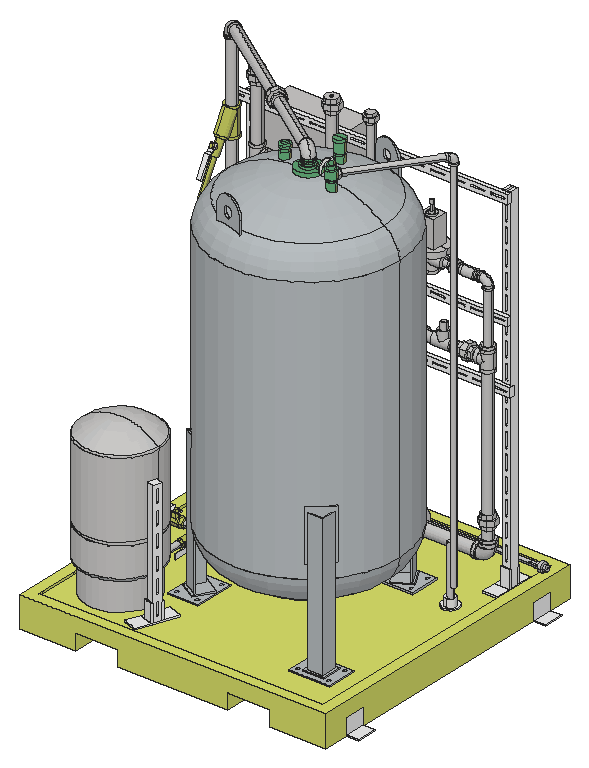
Revit family "Water_Heater-Haws_Corporation-Enclosed_Emergency_Environments_8780", category Plumbing Fixtures, Revit 2018 (continued)
Forms (mm)
  Revolve 133, solid, material "Metal - Haws Corporation - Galvanized Steel" <- "Tubing"
    sketch origin (394.763, 393.993, 200.577) x (0, 1, 0) y (-1, 0, 0)
      loop
        line (7.147, 443.811) -> (1.735, 443.811) -> (1.735, 631.126) -> (9.199, 631.126) -> (9.199, 642.566) -> (6.859, 642.566) -> (6.859, 718.756) -> (9.199, 718.756) -> (9.199, 730.196) -> (1.735, 730.196) -> (1.735, 774.646) -> (14.223, 774.646) -> (14.223, 800.046) -> (-3.501, 800.046) -> (-3.501, 802.576) -> (9.199, 802.576) -> (9.199, 814.016) -> (6.859, 814.016) -> (6.859, 890.206) -> (9.199, 890.206) -> (9.199, 901.646) -> (1.735, 901.646) -> (1.735, 946.096) -> (7.024, 946.096)
        arc (7.024, 946.096) -> (7.922, 946.468) -> (8.294, 947.366) r 1.27
        line (8.294, 947.366) -> (8.294, 954.44)
        arc (8.294, 954.44) -> (8.054, 955.2) -> (7.421, 955.685) r 1.325
        line (7.421, 955.685) -> (-22.433, 955.685) -> (-22.433, 434.244) -> (7.376, 434.244)
        arc (7.376, 434.244) -> (8.136, 434.659) -> (8.412, 435.479) r 1.187
      axis (-22.433, 955.685) -> (-22.433, 434.244)
    angle from 0 to 360
  Revolve 134, solid, material "Metal - Haws Corporation - Galvanized Steel" <- "Tubing"
    sketch origin (-247.803, -4572, 200.571) x (0, -1, 0) y (1, 0, 0)
      loop
        line (-4460.955, -450.755) -> (-4443.269, -450.755) -> (-4443.269, -443.156) -> (-4383.799, -443.156) -> (-4383.799, -425.693) -> (-4602.223, -425.693) -> (-4602.223, -439.11) -> (-4478.398, -439.11) -> (-4478.398, -443.156) -> (-4460.955, -443.156) -> (-4460.955, -450.755)
      loop
        line (-4678.423, -425.693) -> (-4748.471, -425.693) -> (-4748.471, -440.772) -> (-4742.974, -446.268) -> (-4719.627, -446.268) -> (-4719.627, -447.452) -> (-4711.245, -447.452) -> (-4711.245, -444.286) -> (-4706.998, -444.286) -> (-4706.998, -446.371) -> (-4700.648, -446.371) -> (-4700.648, -439.192) -> (-4678.423, -439.192) -> (-4678.423, -425.693)
      axis (-4748.471, -425.693) -> (-4383.799, -425.693)
    angle from 0 to 360
  Revolve 135, solid, material "Metal - Haws Corporation - Galvanized Steel" <- "Tubing"
    sketch origin (-247.803, -4572, 200.571) x (0, -1, 0) y (1, 0, 0)
      loop
        line (-4732.151, -464.047) -> (-4725.215, -464.047) -> (-4725.215, -455.665) -> (-4728.187, -455.665) -> (-4728.187, -395.721) -> (-4725.215, -395.721) -> (-4725.215, -387.339) -> (-4732.151, -387.339) -> (-4732.151, -77.459) -> (-4726.422, -77.459) -> (-4726.422, -71.109) -> (-4748.837, -71.109) -> (-4748.837, -508.497) -> (-4732.151, -508.497) -> (-4732.151, -464.047)
      axis (-4748.837, -508.497) -> (-4748.837, -71.109)
    angle from 0 to 360
  Revolve 136, solid, material "Metal - Haws Corporation - Galvanized Steel" <- "Tubing"
    sketch origin (-247.803, -4572, 200.571) x (0, -1, 0) y (1, 0, 0)
      loop
        line (-4894.025, -60.568) -> (-4890.222, -60.568) -> (-4890.222, -65.961) -> (-4880.666, -65.961) -> (-4880.666, -54.736) -> (-4847.269, -54.736) -> (-4847.269, -39.698) -> (-4847.269, -38.1) -> (-4943.881, -38.1) -> (-4943.881, -57.603) -> (-4935.718, -67.332) -> (-4905.497, -67.332) -> (-4905.497, -69.85) -> (-4894.025, -69.85) -> (-4894.025, -60.568)
      loop
        line (-4800.431, -54.736) -> (-4786.937, -54.736) -> (-4786.937, -60.568) -> (-4781.913, -60.568) -> (-4781.913, -38.1) -> (-4800.431, -38.1) -> (-4800.431, -54.736)
      axis (-4781.913, -38.1) -> (-4943.881, -38.1)
    angle from 0 to 360
  Extrusion 137, solid, material "Metal - Haws Corporation - High Polished Stainless Steel" <- "Socket"
    sketch origin (-0.272, 303.447, 201.029) x (0.181964, 0, 0.983305) y (-0.983305, 0, 0.181964)
      loop
        line (9.448, 40.793) -> (-22.32, 35.382) -> (-40.957, 9.094) -> (-35.546, -22.674) -> (-9.258, -41.311) -> (22.51, -35.9) -> (41.147, -9.612) -> (35.736, 22.156) -> (9.448, 40.793)
    from 22.016 to 47.924
  Extrusion 138, solid, material "Metal - Haws Corporation - High Polished Stainless Steel" <- "Socket"
    sketch origin (-0.272, 277.537, 201.029) x (0.181964, 0, 0.983305) y (-0.983305, 0, 0.181964)
      loop
        line (-16.73, 26.667) -> (-30.841, 6.883) -> (-26.831, -17.084) -> (-7.047, -31.195) -> (16.92, -27.185) -> (31.031, -7.401) -> (27.021, 16.566) -> (7.237, 30.677) -> (-16.73, 26.667)
    from 22.014 to 44.118
  Extrusion 139, solid, material "Metal - Haws Corporation - High Polished Stainless Steel" <- "Socket"
    sketch origin (-0.272, 325.549, 201.029) x (0.181964, 0, 0.983305) y (-0.983305, 0, 0.181964)
      loop
        line (-16.73, 26.667) -> (-30.841, 6.883) -> (-26.831, -17.084) -> (-7.047, -31.195) -> (16.92, -27.185) -> (31.031, -7.401) -> (27.021, 16.566) -> (7.237, 30.677) -> (-16.73, 26.667)
    from 22.014 to 44.118
  Sweep 140, solid, material "Metal - Haws Corporation - Galvanized Steel" <- "Tubing"
    path origin (-319.765, 590.067, -125.18) x (-1, 0, 0) y (0, 0, -1)
      loop
        line (-746.86, -1618.992) -> (-746.86, -1623.829)
        arc (-746.86, -1623.829) -> (-738.605, -1643.758) -> (-718.677, -1652.012) r 28.183
        line (-718.677, -1652.012) -> (-707.239, -1652.012)
    profile origin (427.095, 590.067, 1496.231) x (-1, 0, 0) y (0, -1, 0)
      loop
        circle (0.251, 0) r 19.05
  Sweep 141, solid, material "Metal - Haws Corporation - Galvanized Steel" <- "Tubing"
    path origin (588.098, 590.067, 3178.844) x (1, 0, 0) y (0, 0, 1)
      loop
        line (-746.86, -1618.992) -> (-746.86, -1623.829)
        arc (-746.86, -1623.829) -> (-738.605, -1643.758) -> (-718.677, -1652.012) r 28.183
        line (-718.677, -1652.012) -> (-713.589, -1652.012)
    profile origin (-158.762, 590.067, 1557.433) x (0, -1, 0) y (1, 0, 0)
      loop
        circle (0, 0.251) r 19.05
  Sweep 142, solid, material "Metal - Haws Corporation - Galvanized Steel" <- "Tubing"
    path origin (398.005, 590.067, 2823.59) x (1, 0, 0) y (0, 0, 1)
      loop
        line (-713.589, -1652.012) -> (-719.471, -1652.012)
        arc (-719.471, -1652.012) -> (-741.921, -1642.713) -> (-751.221, -1620.262) r 31.75
        line (-751.221, -1620.262) -> (-751.221, -1609.625)
    profile origin (-318.525, 590.067, 1171.578) x (0, 0, -1) y (0, -1, 0)
      loop
        circle (0.251, 0) r 28.836
  Sweep 143, solid, material "Metal - Haws Corporation - Galvanized Steel" <- "Tubing"
    path origin (-863.43, 590.067, 1041.641) x (0, 0, 1) y (-1, 0, 0)
      loop
        line (-699.669, -1289.221) -> (-702.148, -1289.221)
        arc (-702.148, -1289.221) -> (-729.089, -1278.061) -> (-740.248, -1251.121) r 38.1
        line (-740.248, -1251.121) -> (-740.248, -1241.922)
    profile origin (425.79, 590.067, 340.733) x (0, -1, 0) y (1, 0, 0)
      loop
        circle (0, 0.251) r 33.666
  Sweep 144, solid, material "Metal - Haws Corporation - Galvanized Steel" <- "Tubing"
    path origin (657.259, 786.742, 1835.406) x (1, 0, 0) y (0, 0, 1)
      loop
        line (-729.792, -1618.992) -> (-729.792, -1621.152)
        arc (-729.792, -1621.152) -> (-723.848, -1635.501) -> (-709.499, -1641.445) r 20.293
        line (-709.499, -1641.445) -> (-707.239, -1641.445)
    profile origin (-72.532, 786.742, 215.335) x (0, -1, 0) y (1, 0, 0)
      loop
        circle (0, 0.251) r 12.7
  Sweep 145, solid, material "Metal - Haws Corporation - Galvanized Steel" <- "Tubing"
    path origin (-72.532, -855.247, 797.042) x (0, 0, -1) y (0, -1, 0)
      loop
        line (-729.792, -1618.992) -> (-729.792, -1621.152)
        arc (-729.792, -1621.152) -> (-723.848, -1635.501) -> (-709.499, -1641.445) r 20.293
        line (-709.499, -1641.445) -> (-707.239, -1641.445)
    profile origin (-72.532, 764.825, 1526.834) x (0, 0, -1) y (-1, 0, 0)
      loop
        circle (0.251, 0) r 12.7
  Sweep 146, solid, material "Metal - Haws Corporation - Galvanized Steel" <- "Tubing"
    path origin (-778.841, 590.067, -839.482) x (-1, 0, 0) y (0, 0, -1)
      loop
        line (-751.221, -1609.625) -> (-751.221, -1617.674)
        arc (-751.221, -1617.674) -> (-741.921, -1640.125) -> (-719.471, -1649.424) r 31.75
        line (-719.471, -1649.424) -> (-708.808, -1649.424)
    profile origin (-27.621, 590.067, 774.168) x (-1, 0, 0) y (0, -1, 0)
      loop
        circle (0.251, 0) r 28.836
  Sweep 147, solid, material "Metal - Haws Corporation - Galvanized Steel" <- "Tubing"
    path origin (0.155, -0.107, 2039.033) x (0.822588, -0.568638, 0) y (0, 0, 1)
      loop
        line (-41.27, 178.948) -> (-34.92, 178.948)
        arc (-34.92, 178.948) -> (-10.678, 168.907) -> (-0.637, 144.665) r 34.283
        line (-0.637, 144.665) -> (-0.637, 138.315)
    profile origin (-28.569, 19.749, 2217.981) x (0, 0, 1) y (-0.568638, -0.822588, 0)
      loop
        circle (0, -1.119) r 28.076
  Sweep 148, solid, material "Metal - Haws Corporation - Galvanized Steel" <- "Tubing"
    path origin (-855.179, 589.807, 2039.033) x (-0.822588, 0.568638, 0) y (0, 0, -1)
      loop
        line (-41.27, -178.948) -> (-34.92, -178.948)
        arc (-34.92, -178.948) -> (-10.678, -168.907) -> (-0.637, -144.665) r 34.283
        line (-0.637, -144.665) -> (-0.637, -138.315)
    profile origin (-826.455, 569.95, 2217.981) x (0, 0, -1) y (-0.568638, -0.822588, 0)
      loop
        circle (0, -1.119) r 28.076
  Extrusion 149, solid, material "Metal - Haws Corporation - Galvanized Steel" <- "Tubing"
    sketch origin (-72.532, 757.709, 2032) x (0, -1, 0) y (0, 0, 1)
      loop
        circle (-29.127, -1835.15) r 3.721
    from -637.743 to -546.859
  Extrusion 150, solid, material "Metal - Haws Corporation - High Polished Stainless Steel" <- "Socket"
    sketch origin (-247.803, -4572, 200.571) x (0, -1, 0) y (-1, 0, 0)
      loop
        circle (-5162.067, 476.036) r 6.35
      loop
        circle (-5162.067, 107.736) r 6.35
    from -1850.346 to -1872.45
  Sweep 151, solid, material "Metal - Haws Corporation - Galvanized Steel" <- "Tubing"
    path origin (-808.106, 708.113, 1927.861) x (0, 0, -1) y (-0.9913, -0.131622, 0)
      loop
        line (554.063, -344.488) -> (903.313, -344.488)
        arc (903.313, -344.488) -> (916.783, -350.067) -> (922.363, -363.538) r 19.05
        line (922.363, -363.538) -> (922.363, -534.988)
        arc (922.363, -534.988) -> (916.783, -548.458) -> (903.313, -554.038) r 19.05
        line (903.313, -554.038) -> (857.245, -554.038)
    profile origin (-466.615, 753.455, 1199.173) x (-0.131622, 0.9913, 0) y (-0.9913, -0.131622, 0)
      loop
        circle (0, 0) r 15.03
  Sweep 152, solid, material "Metal - Haws Corporation - Galvanized Steel" <- "Tubing"
    path origin (149.602, -36.397, 2032) x (-0.573576, -0.819152, 0) y (0, 0, 1)
      loop
        line (-464.98, 145.464) -> (-474.169, 145.464)
        arc (-474.169, 145.464) -> (-487.639, 139.884) -> (-493.219, 126.414) r 19.05
        line (-493.219, 126.414) -> (-493.219, 117.33)
    profile origin (432.501, 367.624, 2153.872) x (-0.819152, 0.573576, 0) y (-0.573576, -0.819152, 0)
      loop
        circle (0, 0) r 16.573
  Extrusion 153, solid, material "Metal - Haws Corporation - High Polished Chrome"
    sketch origin (134.558, -50.132, 2230.09) x (-0.573576, -0.819152, 0) y (0, 0, 1)
      loop
        arc (16.175, 11.44) -> (9.107, 17.595) -> (0, 19.812) r 19.812
        line (0, 19.812) -> (-19.879, 19.812) -> (-21.606, 19.812) -> (-21.606, 12.7) -> (-9.671, 12.7) -> (1.106, 12.7)
        arc (1.106, 12.7) -> (5.894, 11.19) -> (8.951, 7.207) r 8.348
        line (8.951, 7.207) -> (23.017, -12.681) -> (30.159, -43.618) -> (33.629, -43.618) -> (33.629, -16.1)
        arc (33.629, -16.1) -> (32.107, -11.807) -> (29.828, -7.864) r 24.888
        line (29.828, -7.864) -> (16.175, 11.44)
    from 0 to -8.89
  Extrusion 154, solid, material "Metal - Haws Corporation - Green" <- "Skid"
    sketch origin (565.211, 923.666, 0) x (0, 0, 1) y (1, 0, 0)
      loop
        line (0, -275.59) -> (76.708, -275.59) -> (76.708, -486.41) -> (0, -486.41) -> (0, -1037.59) -> (76.708, -1037.59) -> (76.708, -1248.41) -> (0, -1248.41) -> (0, -1524) -> (152.4, -1524) -> (152.4, 0) -> (0, 0) -> (0, -275.59)
    from 0 to -1524
  Extrusion 155, solid, material "Metal - Haws Corporation - High Polished Stainless Steel" <- "Socket"
    sketch origin (-256.534, 241.226, 171.202) x (0, 0, 1) y (-1, 0, 0)
      loop
        line (41.534, 58.737) -> (17.204, 58.737) -> (0.465, 41.999) -> (0.465, 16.739) -> (17.204, 0) -> (41.534, 0) -> (58.737, 17.204) -> (58.737, 41.534) -> (41.534, 58.737)
    from 0 to -20.637
  Extrusion 156, solid, material "Metal - Haws Corporation - High Polished Stainless Steel" <- "Socket"
    sketch origin (-266.456, 228.431, 220.018) x (1, 0, 0) y (0, 0, 1)
      loop
        line (-42.91, -19.447) -> (-31.179, -39.767) -> (-7.715, -39.767) -> (4.017, -19.447) -> (-7.715, 0.873) -> (-31.179, 0.873) -> (-42.91, -19.447)
    from 0 to -12.795
  Extrusion 157, solid, material "Metal - Haws Corporation - High Polished Stainless Steel" <- "Socket"
    sketch origin (-266.456, 261.864, 220.018) x (1, 0, 0) y (0, 0, 1)
      loop
        line (-42.91, -19.447) -> (-31.179, -39.767) -> (-7.715, -39.767) -> (4.017, -19.447) -> (-7.715, 0.873) -> (-31.179, 0.873) -> (-42.91, -19.447)
    from 0 to -13.405
  Sweep 158, solid, material "Metal - Haws Corporation - Galvanized Steel" <- "Tubing"
    path origin (-854.014, 639.599, 2032) x (0, -1, 0) y (0, 0, 1)
      loop
        line (49.531, -1181.454) -> (49.531, -1183.958)
        arc (49.531, -1183.958) -> (38.372, -1210.898) -> (11.431, -1222.058) r 38.1
    profile origin (-854.014, 590.067, 849.294) x (-1, 0, 0) y (0, -1, 0)
      loop
        circle (0, 0) r 29.941
  Sweep 159, solid, material "Metal - Haws Corporation - Galvanized Steel" <- "Tubing"
    path origin (-727.014, 639.599, 2032) x (0, -1, 0) y (0, 0, 1)
      loop
        line (49.531, -1181.454) -> (49.531, -1183.958)
        arc (49.531, -1183.958) -> (38.372, -1210.898) -> (11.431, -1222.058) r 38.1
    profile origin (-727.014, 590.067, 849.294) x (-1, 0, 0) y (0, -1, 0)
      loop
        circle (0, 0) r 29.941
  Sweep 160, solid, material "Metal - Haws Corporation - Galvanized Steel" <- "Tubing"
    path origin (-598.767, 1592.699, 759.383) x (0, 0, 1) y (0, 1, 0)
      loop
        line (49.531, -1181.454) -> (49.531, -1183.958)
        arc (49.531, -1183.958) -> (38.372, -1210.898) -> (11.431, -1222.058) r 38.1
        line (11.431, -1222.058) -> (9.399, -1222.058)
    profile origin (-598.767, 409.993, 808.915) x (0, 0, 1) y (-1, 0, 0)
      loop
        circle (0, 0) r 29.941
  Revolve 161, solid, material "Metal - Haws Corporation - Brass" <- "BLENDING SYSTEM"
    sketch origin (-854.014, 639.599, 2032) x (0, -1, 0) y (0, 0, 1)
      loop
        line (142.075, -265.16) -> (84.107, -164.757) -> (57.986, -179.838) -> (246.891, -507.032) -> (254.453, -502.667) -> (166.377, -350.116) -> (173.271, -346.136) -> (135.171, -280.145) -> (142.115, -276.135) -> (137.353, -267.887) -> (142.075, -265.16)
      axis (246.891, -507.032) -> (57.986, -179.838)
    angle from 0 to 360
  Extrusion 162, solid, material "Metal - Haws Corporation - High Polished Chrome"
    sketch origin (-870.368, 484.687, 1734.237) x (-0.070331, 0.008721, 0.997486) y (0.123059, 0.992399, 0)
      loop
        line (1.651, -2.889) -> (-0.63, 1.103) -> (-34.827, -18.442) -> (-39.58, -35.874) -> (-129.113, -87.044) -> (-126.454, -91.697) -> (-35.929, -39.96) -> (-30.892, -21.488) -> (1.651, -2.889)
    from 0 to -25.4
  Extrusion 163, solid, material "Metal - Haws Corporation - Brass" <- "BLENDING SYSTEM"
    sketch origin (-857.292, 478.865, 1720.713) x (0.986606, -0.163121, 0) y (0.080737, 0.488323, 0.86892)
      loop
        line (-15.624, 8.278) -> (-14.071, -10.708) -> (0.777, -9.493)
        arc (0.777, -9.493) -> (9.493, 0.777) -> (-0.777, 9.493) r 9.525
        line (-0.777, 9.493) -> (-15.624, 8.278)
    from 2.286 to -20.035
  Extrusion 164, solid, material "Metal - Haws Corporation - Brass" <- "BLENDING SYSTEM"
    sketch origin (-864.082, 472.683, 1734.284) x (0.080737, 0.488323, 0.86892) y (-0.986606, 0.163121, 0)
      loop
        line (0.816, -9.968) -> (0, 0) -> (-9.04, 4.278) -> (-17.265, -1.413) -> (-16.449, -11.381) -> (-7.409, -15.658) -> (0.816, -9.968)
    from 0 to -6.096
  Revolve 165, solid, material "Metal - Haws Corporation - Brass" <- "BLENDING SYSTEM"
    sketch origin (-363.383, 590.067, 2032) x (-1, 0, 0) y (0, 0, 1)
      loop
        line (82.73, -752.548) -> (27.937, -657.644)
        arc (27.937, -657.644) -> (24.081, -654.686) -> (19.263, -655.32) r 6.35
        line (19.263, -655.32) -> (-1.36, -667.226) -> (61.371, -775.878) -> (82.77, -763.523) -> (78.008, -755.274) -> (82.73, -752.548)
      axis (61.371, -775.878) -> (-1.36, -667.226)
    angle from 0 to 360
  Revolve 166, solid, material "Metal - Haws Corporation - Brass" <- "BLENDING SYSTEM"
    sketch origin (-159.153, 757.709, 2032) x (0, -1, 0) y (0, 0, 1)
      loop
        line (225.824, -362.819) -> (237.467, -351.176) -> (228.487, -342.196) -> (232.559, -338.124) -> (188.377, -293.942) -> (172.662, -309.657) -> (225.824, -362.819)
      axis (172.662, -309.657) -> (225.824, -362.819)
    angle from 0 to 360
  Extrusion 167, solid, material "Metal - Haws Corporation - High Polished Chrome"
    sketch origin (-646.445, 84.597, 213.678) x (-1, 0, 0) y (0, -1, 0)
      loop
        line (1.27, 39.388) -> (-21.438, 62.095) -> (-21.438, 137.584) -> (-26.797, 137.584) -> (-26.797, 60.953) -> (-3.327, 37.483) -> (-3.327, 0) -> (1.27, 0) -> (1.27, 39.388)
    from 0 to -25.4
  Extrusion 168, solid, material "Metal - Haws Corporation - Brass" <- "BLENDING SYSTEM"
    sketch origin (-647.715, 47.103, 213.678) x (0, 1, 0) y (0, 0, -1)
      loop
        line (32.404, 27.513) -> (13.354, 27.513) -> (13.354, 12.389)
        arc (13.354, 12.389) -> (22.879, 2.864) -> (32.404, 12.389) r 9.525
        line (32.404, 12.389) -> (32.404, 27.513)
    from 0 to 17.356
  Extrusion 169, solid, material "Metal - Haws Corporation - Brass" <- "BLENDING SYSTEM"
    sketch origin (-643.118, 84.597, 213.678) x (0, -1, 0) y (0, 0, -1)
      loop
        line (9.598, 21.305) -> (4.626, 12.693) -> (9.622, 4.039) -> (19.596, 4.039) -> (24.586, 12.68) -> (19.606, 21.305) -> (9.598, 21.305)
    from 0 to 6.096
  Extrusion 170, solid, material "Metal - Haws Corporation - High Polished Chrome"
    sketch origin (-784.948, 189.187, 229.838) x (0, 0, -1) y (-1, 0, 0)
      loop
        line (-9.329, 29.844) -> (-21.438, 36.835) -> (-21.438, 112.246) -> (-25.629, 112.246) -> (-25.629, 35.588) -> (-12.421, 27.962) -> (-12.421, 0) -> (-9.329, 0) -> (-9.329, 29.844)
    from 0 to -25.4
  Extrusion 171, solid, material "Metal - Haws Corporation - Brass" <- "BLENDING SYSTEM"
    sketch origin (-822.442, 189.187, 239.167) x (0, -1, 0) y (-1, 0, 0)
      loop
        line (27.513, -32.404) -> (27.513, -13.354) -> (12.389, -13.354)
        arc (12.389, -13.354) -> (2.864, -22.879) -> (12.389, -32.404) r 9.525
        line (12.389, -32.404) -> (27.513, -32.404)
    from 0 to 29.528
  Extrusion 172, solid, material "Metal - Haws Corporation - Brass" <- "BLENDING SYSTEM"
    sketch origin (-784.948, 189.187, 233.166) x (-1, 0, 0) y (0, -1, 0)
      loop
        line (9.598, 21.305) -> (4.626, 12.693) -> (9.622, 4.039) -> (19.596, 4.039) -> (24.586, 12.68) -> (19.606, 21.305) -> (9.598, 21.305)
    from 9.093 to 17.031
  Extrusion 173, solid, material "Metal - Haws Corporation - High Polished Chrome"
    sketch origin (-187.288, 602.457, 1822.783) x (1, 0, 0) y (0, 0, -1)
      loop
        line (-9.329, 29.844) -> (-21.438, 36.835) -> (-21.438, 112.246) -> (-25.629, 112.246) -> (-25.629, 35.588) -> (-12.421, 27.962) -> (-12.421, 0) -> (-9.329, 0) -> (-9.329, 29.844)
    from -3.375 to -20.49
  Extrusion 174, solid, material "Metal - Haws Corporation - Brass" <- "BLENDING SYSTEM"
    sketch origin (-196.617, 602.457, 1785.289) x (0, 0, 1) y (0, -1, 0)
      loop
        line (32.404, 27.513) -> (13.354, 27.513) -> (13.354, 12.389)
        arc (13.354, 12.389) -> (22.879, 2.864) -> (32.404, 12.389) r 9.525
        line (32.404, 12.389) -> (32.404, 27.513)
    from 0 to 29.528
  Extrusion 175, solid, material "Metal - Haws Corporation - Brass" <- "BLENDING SYSTEM"
    sketch origin (-190.616, 602.457, 1822.783) x (0, 0, -1) y (0, -1, 0)
      loop
        line (9.598, 21.305) -> (4.626, 12.693) -> (9.622, 4.039) -> (19.596, 4.039) -> (24.586, 12.68) -> (19.606, 21.305) -> (9.598, 21.305)
    from 9.093 to 17.031
  Extrusion 176, solid, material "Metal - Haws Corporation - High Polished Stainless Steel" <- "Socket"
    sketch origin (-188.112, 619.437, 2050.771) x (0, -1, 0) y (-1, 0, 0)
      loop
        line (58.737, -41.534) -> (58.737, -17.204) -> (41.999, -0.465) -> (16.739, -0.465) -> (0, -17.204) -> (0, -41.534) -> (17.204, -58.737) -> (41.534, -58.737) -> (58.737, -41.534)
    from 12.795 to -7.233
  Extrusion 177, solid, material "Metal - Haws Corporation - High Polished Stainless Steel" <- "Socket"
    sketch origin (-139.297, 609.515, 2037.975) x (1, 0, 0) y (0, 1, 0)
      loop
        line (-19.447, -42.91) -> (0.873, -31.179) -> (0.873, -7.715) -> (-19.447, 4.017) -> (-39.767, -7.715) -> (-39.767, -31.179) -> (-19.447, -42.91)
    from 0 to -12.795
  Extrusion 178, solid, material "Metal - Haws Corporation - High Polished Stainless Steel" <- "Socket"
    sketch origin (-139.297, 609.515, 2071.408) x (1, 0, 0) y (0, 1, 0)
      loop
        line (-19.447, -42.91) -> (0.873, -31.179) -> (0.873, -7.715) -> (-19.447, 4.017) -> (-39.767, -7.715) -> (-39.767, -31.179) -> (-19.447, -42.91)
    from 0 to -13.405
  Sweep 179, solid, material "Metal - Haws Corporation - Galvanized Steel" <- "Tubing"
    path origin (-550.483, 371.555, 1424.952) x (-1, 0, 0) y (0, 0, 1)
      loop
        line (49.531, -1181.454) -> (49.531, -1183.958)
        arc (49.531, -1183.958) -> (38.372, -1210.898) -> (11.431, -1222.058) r 38.1
    profile origin (-600.014, 371.555, 242.246) x (0, 1, 0) y (-1, 0, 0)
      loop
        circle (0, 0) r 29.941
  Sweep 180, solid, material "Metal - Haws Corporation - Galvanized Steel" <- "Tubing"
    path origin (12192, 1025.12, 196.85) x (1, 0, 0) y (0, 1, 0)
      loop
        line (-12510.912, -848.283) -> (-12503.303, -848.283)
        arc (-12503.303, -848.283) -> (-12485.342, -840.844) -> (-12477.903, -822.883) r 25.4
        line (-12477.903, -822.883) -> (-12477.903, -815.207)
    profile origin (-315.107, 176.837, 196.85) x (0, 1, 0) y (0, 0, 1)
      loop
        circle (-0.366, 3.721) r 15.078
  Sweep 181, solid, material "Metal - Haws Corporation - Galvanized Steel" <- "Tubing"
    path origin (-247.803, -4572, 200.571) x (0, -1, 0) y (1, 0, 0)
      loop
        line (-4943.56, 208.322) -> (-4943.56, 216.053)
        arc (-4943.56, 216.053) -> (-4934.261, 238.503) -> (-4911.81, 247.803) r 31.75
        line (-4911.81, 247.803) -> (-4894.33, 247.803)
    profile origin (-35.615, 371.56, 200.571) x (0, 1, 0) y (0, 0, 1)
      loop
        circle (0.321, 0) r 24.116
  Revolve 182, solid, material "Metal - Haws Corporation - High Polished Chrome"
    sketch origin (-854.014, 540.539, 2032) x (0, -1, 0) y (0, 0, 1)
      loop
        line (-289.154, -1222.029) -> (-263.373, -1222.029) -> (-263.373, -1197.937) -> (-272.898, -1197.937) -> (-272.898, -1184.593) -> (-282.804, -1184.593) -> (-282.804, -1181.735) -> (-289.154, -1181.735) -> (-289.154, -1222.029)
      axis (-263.373, -1222.029) -> (-289.154, -1222.029)
    angle from 0 to 360
  Revolve 183, solid, material "Metal - Haws Corporation - High Polished Chrome"
    sketch origin (-727.014, 540.793, 1921.1) x (0, -1, 0) y (0, 0, 1)
      loop
        line (-289.154, -1222.029) -> (-263.373, -1222.029) -> (-263.373, -1197.937) -> (-272.898, -1197.937) -> (-272.898, -1184.593) -> (-282.804, -1184.593) -> (-282.804, -1181.735) -> (-289.154, -1181.735) -> (-289.154, -1222.029)
      axis (-263.373, -1222.029) -> (-289.154, -1222.029)
    angle from 0 to 360
  Revolve 184, solid, material "Metal - Haws Corporation - High Polished Chrome"
    sketch origin (-727.014, 540.793, 2144.592) x (0, -1, 0) y (0, 0, 1)
      loop
        line (-289.154, -1222.029) -> (-263.373, -1222.029) -> (-263.373, -1197.937) -> (-272.898, -1197.937) -> (-272.898, -1184.593) -> (-282.804, -1184.593) -> (-282.804, -1181.735) -> (-289.154, -1181.735) -> (-289.154, -1222.029)
      axis (-263.373, -1222.029) -> (-289.154, -1222.029)
    angle from 0 to 360
  Revolve 185, solid, material "Metal - Haws Corporation - High Polished Chrome"
    sketch origin (-600.014, 540.539, 2032) x (0, -1, 0) y (0, 0, 1)
      loop
        line (-289.154, -1222.029) -> (-263.373, -1222.029) -> (-263.373, -1197.937) -> (-272.898, -1197.937) -> (-272.898, -1184.593) -> (-282.804, -1184.593) -> (-282.804, -1181.735) -> (-289.154, -1181.735) -> (-289.154, -1222.029)
      axis (-263.373, -1222.029) -> (-289.154, -1222.029)
    angle from 0 to 360
  Revolve 186, solid, material "Metal - Haws Corporation - Brass" <- "BLENDING SYSTEM"
    sketch origin (-363.383, 590.067, 2032) x (-1, 0, 0) y (0, 0, 1)
      loop
        line (490.579, -164.757) -> (490.579, -310.807) -> (525.408, -310.807) -> (525.408, -301.282) -> (520.667, -301.282) -> (520.667, -174.282) -> (525.408, -174.282) -> (525.408, -164.757) -> (490.579, -164.757)
      axis (490.579, -310.807) -> (490.579, -164.757)
    angle from 0 to 360
  Revolve 187, solid, material "Metal - Haws Corporation - Brass" <- "BLENDING SYSTEM"
    sketch origin (-363.383, 590.067, 2032) x (-1, 0, 0) y (0, 0, 1)
      loop
        line (-204.872, -457.401) -> (-181.25, -457.401) -> (-181.25, -449.161) -> (-184.298, -449.161) -> (-184.298, -389.217) -> (-181.25, -389.217) -> (-181.25, -380.976) -> (-204.872, -380.976) -> (-204.872, -457.401)
      loop
        line (-204.872, -181.445) -> (-204.872, -266.535) -> (-181.941, -266.535) -> (-181.941, -181.445) -> (-204.872, -181.445)
      loop
        line (-204.872, -276.06) -> (-204.872, -371.451) -> (-183.153, -371.451) -> (-183.153, -356.238) -> (-184.946, -356.238) -> (-184.946, -291.273) -> (-183.153, -291.273) -> (-183.153, -276.06) -> (-204.872, -276.06)
      axis (-204.872, -457.401) -> (-204.872, -181.445)
    angle from 0 to 360
  Revolve 188, solid, material "Metal - Haws Corporation - Brass" <- "BLENDING SYSTEM"
    sketch origin (-363.383, 590.067, 2032) x (-1, 0, 0) y (0, 0, 1)
      loop
        line (20.096, -652.145) -> (-10.067, -652.145) -> (-10.067, -820.402) -> (19.598, -820.402)
        arc (19.598, -820.402) -> (20.415, -820.063) -> (20.754, -819.246) r 1.156
        line (20.754, -819.246) -> (20.754, -812.125)
        arc (20.754, -812.125) -> (20.394, -811.255) -> (19.524, -810.895) r 1.23
        line (19.524, -810.895) -> (13.899, -810.895) -> (13.899, -798.195) -> (20.096, -798.195) -> (20.096, -652.145)
      axis (-10.067, -820.402) -> (-10.067, -652.145)
    angle from 0 to 360
  Revolve 189, solid, material "Metal - Haws Corporation - Brass" <- "BLENDING SYSTEM"
    sketch origin (-247.803, -4572, 200.571) x (0, -1, 0) y (1, 0, 0)
      loop
        line (-4729, -593.587) -> (-4728.235, -593.125) -> (-4728.235, -580.658) -> (-4725.925, -580.658) -> (-4725.925, -529.858) -> (-4728.235, -527.547) -> (-4728.235, -508.497) -> (-4748.837, -508.497) -> (-4748.837, -593.587) -> (-4729, -593.587)
      axis (-4748.837, -593.587) -> (-4748.837, -508.497)
    angle from 0 to 360
  Revolve 190, solid, material "Metal - Haws Corporation - Brass" <- "BLENDING SYSTEM"
    sketch origin (-247.803, -4572, 200.571) x (0, -1, 0) y (1, 0, 0)
      loop
        line (-4616.574, -443.156) -> (-4616.574, -442.302) -> (-4602.223, -442.302) -> (-4602.223, -425.693) -> (-4678.423, -425.693) -> (-4678.423, -442.363) -> (-4662.548, -442.363) -> (-4662.548, -443.156) -> (-4616.574, -443.156)
      axis (-4678.423, -425.693) -> (-4602.223, -425.693)
    angle from 0 to 360
  Revolve 191, solid, material "Metal - Haws Corporation - Brass" <- "BLENDING SYSTEM"
    sketch origin (-600.014, 540.539, 2032) x (0, -1, 0) y (0, 0, 1)
      loop
        line (-167.678, -1193.917) -> (-175.446, -1193.917) -> (-200.723, -1202.621) -> (-222.813, -1193.917) -> (-233.769, -1193.917) -> (-233.769, -1192.219)
        arc (-233.769, -1192.219) -> (-234.177, -1191.233) -> (-235.163, -1190.825) r 1.394
        line (-235.163, -1190.825) -> (-248.656, -1190.825)
        arc (-248.656, -1190.825) -> (-249.606, -1191.218) -> (-249.999, -1192.168) r 1.343
        line (-249.999, -1192.168) -> (-249.999, -1197.937) -> (-253.848, -1197.937) -> (-253.848, -1192.73) -> (-263.373, -1192.73) -> (-263.373, -1222.029) -> (-99.06, -1222.029) -> (-99.06, -1197.83) -> (-151.447, -1197.83) -> (-151.447, -1190.82) -> (-167.678, -1190.82) -> (-167.678, -1193.917)
      axis (-99.06, -1222.029) -> (-263.373, -1222.029)
    angle from 0 to 360
Cuts and joins
  Extrusion 7 cuts Extrusion 154
Lines and regions (mm)
  Masking region 1
    outline origin (0, 0, 0) x (1, 0, 0) y (0, 1, 0)
      loop
        line (-958.789, 923.666) -> (-958.789, -600.334) -> (565.211, -600.334) -> (565.211, 923.666) -> (-958.789, 923.666)
  symbolic lines, style "Symbolic line", detail levels fine
    curve 1: circle (-672.413, -336.503, 0) r 194.527 normal (0, 0, 1)
    curve 2: line (-747.969, 642.532, 0) -> (-341.569, 642.532, 0)
    curve 3: line (-747.969, 817.792, 0) -> (-747.969, 642.532, 0)
    curve 4: line (-341.569, 817.792, 0) -> (-747.969, 817.792, 0)
    curve 5: line (-341.569, 642.532, 0) -> (-341.569, 817.792, 0)
    curve 19: line (-848.498, 555.67, 200.571) -> (-25.153, -13.49, 200.571)
    curve 20: line (3.733, 28.297, 200.571) -> (-819.983, 597.715, 200.571)
    curve 49: line (-524.43, -210.243, 200.571) -> (-524.43, -18.611, 200.571)
    curve 50: line (-524.43, -18.611, 200.571) -> (-456.821, -18.611, 200.571)
    curve 51: line (-400.763, -221.811, 200.571) -> (-515.294, -221.811, 200.571)
    curve 52: line (-434.285, -172.257, 200.571) -> (-500.276, -134.157, 200.571)
    curve 53: line (-500.276, -134.157, 200.571) -> (-462.176, -68.166, 200.571)
    curve 54: line (-457.774, -73.241, 200.571) -> (-491.602, -131.833, 200.571)
    curve 55: line (-491.602, -131.833, 200.571) -> (-433.07, -165.626, 200.571)
    curve 56: arc (-459.907, -57.52, 200.571) -> (-447.934, -120.082, 200.571) -> (-427.09, -180.273, 200.571) r 441.838
    curve 57: line (-459.907, -57.52, 200.571) -> (-454.511, -56.845, 200.571)
    curve 58: arc (-421.999, -178.124, 200.571) -> (-442.43, -118.604, 200.571) -> (-454.511, -56.845, 200.571) r 458.052
    curve 59: line (-462.176, -68.166, 200.571) -> (-458.192, -70.466, 200.571)
    curve 60: line (-432.014, -168.324, 200.571) -> (-434.285, -172.257, 200.571)
    curve 61: line (-421.999, -178.124, 200.571) -> (-427.09, -180.273, 200.571)
    curve 62: line (430.123, -404.542, 200.571) -> (226.923, -404.542, 200.571)
    curve 63: line (430.123, -252.142, 200.571) -> (430.123, -404.542, 200.571)
    curve 64: line (382.408, -252.142, 200.571) -> (430.123, -252.142, 200.571)
    curve 65: line (226.923, -404.542, 200.571) -> (226.923, -396.91, 200.571)
    curve 66: line (279.736, -369.555, 200.571) -> (276.453, -365.219, 200.571)
    curve 67: arc (279.736, -369.555, 200.571) -> (327.933, -327.909, 200.571) -> (369.642, -279.766, 200.571) r 441.838
    curve 68: line (290.138, -366.16, 200.571) -> (290.137, -361.56, 200.571)
    curve 69: line (366.338, -366.157, 200.571) -> (290.138, -366.16, 200.571)
    curve 70: line (292.332, -359.81, 200.571) -> (359.987, -359.807, 200.571)
    curve 71: line (366.334, -289.957, 200.571) -> (366.338, -366.157, 200.571)
    curve 72: line (359.987, -359.807, 200.571) -> (359.984, -292.22, 200.571)
    curve 73: line (361.792, -289.957, 200.571) -> (366.334, -289.957, 200.571)
    curve 74: line (365.236, -276.431, 200.571) -> (369.642, -279.766, 200.571)
    curve 75: arc (365.236, -276.431, 200.571) -> (323.901, -323.882, 200.571) -> (276.453, -365.219, 200.571) r 458.052
    curve 76: arc (180.474, 426.91, 200.571) -> (120.323, 447.87, 200.571) -> (57.784, 459.962, 200.571) r 441.838
    curve 77: line (131.951, 491.57, 200.571) -> (73.396, 457.814, 200.571)
    curve 78: line (68.265, 462.186, 200.571) -> (134.28, 500.243, 200.571)
    curve 79: line (70.533, 458.251, 200.571) -> (68.265, 462.186, 200.571)
    curve 80: line (165.74, 432.957, 200.571) -> (131.951, 491.57, 200.571)
    curve 81: line (134.28, 500.243, 200.571) -> (172.337, 434.227, 200.571)
    curve 82: line (172.337, 434.227, 200.571) -> (168.353, 431.93, 200.571)
    curve 83: line (180.474, 426.91, 200.571) -> (178.356, 421.901, 200.571)
    curve 84: arc (57.095, 454.479, 200.571) -> (118.847, 442.365, 200.571) -> (178.356, 421.901, 200.571) r 458.052
    curve 85: line (57.095, 454.479, 200.571) -> (57.784, 459.962, 200.571)
    curve 86: line (221.992, 524.611, 200.571) -> (221.992, 399.689, 200.571)
    curve 87: line (185.633, 524.611, 200.571) -> (221.992, 524.611, 200.571)
    curve 88: line (18.792, 456.814, 200.571) -> (18.792, 480.861, 200.571)
    curve 89: line (74.191, 524.611, 200.571) -> (104.672, 524.611, 200.571)
    curve 90: arc (67.168, 147.026, 200.571) -> (39.672, 119.531, 200.571) -> (12.177, 147.026, 200.571) r 27.496
    curve 91: arc (12.177, 147.026, 200.571) -> (39.672, 174.522, 200.571) -> (67.168, 147.026, 200.571) r 27.496
    curve 92: arc (-121.855, 39.076, 200.571) -> (-147.303, 13.629, 200.571) -> (-172.75, 39.076, 200.571) r 25.448
    curve 93: arc (-172.75, 39.076, 200.571) -> (-147.303, 64.524, 200.571) -> (-121.855, 39.076, 200.571) r 25.448
    curve 94: arc (-61.824, 0, 200.571) -> (0, -61.824, 200.571) -> (61.824, 0, 200.571) r 61.824
    curve 95: arc (61.824, 0, 200.571) -> (0, 61.824, 200.571) -> (-61.824, 0, 200.571) r 61.824
    curve 96: circle (147.306, -39.676, 200.571) r 25.4 normal (0, 0, -1)
    curve 97: line (-907.989, -549.534, 200.571) -> (-907.989, 872.866, 200.571)
    curve 98: line (514.411, -549.534, 200.571) -> (-907.989, -549.534, 200.571)
    curve 99: line (514.411, 872.866, 200.571) -> (514.411, 799.473, 200.571)
    curve 100: line (-907.989, 872.866, 200.571) -> (514.411, 872.866, 200.571)
    curve 101: line (-26.422, -393.921, 200.571) -> (-173.629, -354.477, 200.571)
    curve 102: line (-173.629, -354.477, 200.571) -> (-171.985, -348.343, 200.571)
    curve 103: line (-171.985, -348.343, 200.571) -> (-24.778, -387.787, 200.571)
    curve 104: line (-24.778, -387.787, 200.571) -> (-26.422, -393.921, 200.571)
    curve 105: line (172.926, 350.054, 200.571) -> (25.719, 389.498, 200.571)
    curve 106: line (27.362, 395.632, 200.571) -> (174.569, 356.188, 200.571)
    curve 107: line (174.569, 356.188, 200.571) -> (172.926, 350.054, 200.571)
    curve 108: line (25.719, 389.498, 200.571) -> (27.362, 395.632, 200.571)
    curve 109: line (413.763, 364.18, 200.571) -> (148.737, -14.317, 200.571)
    curve 110: line (435.781, 348.992, 200.571) -> (170.647, -29.658, 200.571)
    curve 112: arc (413.425, 367.753, 200.571) -> (432.475, 386.803, 200.571) -> (451.525, 367.753, 200.571) r 19.05
    curve 113: arc (451.525, 367.753, 200.571) -> (432.475, 348.703, 200.571) -> (413.425, 367.753, 200.571) r 19.05
    curve 114: arc (394.45, 352.676, 200.571) -> (400.854, 353.177, 200.571) -> (407.103, 354.669, 200.571) r 41.173
    curve 115: arc (434.986, 386.637, 200.571) -> (368.009, 425.409, 200.571) -> (394.45, 352.676, 200.571) r 41.173
    curve 116: arc (382.415, 393.249, 200.571) -> (396.063, 406.897, 200.571) -> (409.712, 393.249, 200.571) r 13.649
    curve 117: arc (409.712, 393.249, 200.571) -> (396.063, 379.6, 200.571) -> (382.415, 393.249, 200.571) r 13.649
    curve 118: line (-694.89, -143.28, 200.571) -> (-694.89, 156.153, 200.571)
    curve 119: line (-650.824, 156.153, 200.571) -> (-650.824, -143.178, 200.571)
    curve 120: line (-841.39, 196.675, 200.571) -> (-413.679, 196.675, 200.571)
    curve 121: line (-841.39, 156.153, 200.571) -> (-841.39, 196.675, 200.571)
    curve 122: line (-429.707, 156.153, 200.571) -> (-650.824, 156.153, 200.571)
    curve 123: line (-694.89, 156.153, 200.571) -> (-841.39, 156.153, 200.571)
    curve 124: line (-295.737, 748.517, 200.571) -> (-295.737, 855.115, 200.571)
    curve 125: line (-295.737, 855.115, 200.571) -> (-130.988, 855.115, 200.571)
    curve 126: line (-303.905, 748.517, 200.571) -> (-122.82, 748.517, 200.571)
    curve 127: line (-130.988, 855.115, 200.571) -> (-130.988, 748.517, 200.571)
    curve 128: line (-122.82, 748.517, 200.571) -> (-122.82, 655.22, 200.571)
    curve 129: line (-122.82, 655.22, 200.571) -> (-303.905, 655.22, 200.571)
    curve 130: line (-303.905, 655.22, 200.571) -> (-303.905, 748.517, 200.571)
    curve 131: arc (218.317, 613.945, 200.571) -> (145.152, 513.105, 200.571) -> (71.988, 613.945, 200.571) r 76.962
    curve 132: line (-890.844, 634.582, 200.571) -> (517.079, 634.582, 200.571)
    curve 133: arc (82.37, 634.582, 200.571) -> (145.152, 667.029, 200.571) -> (207.934, 634.582, 200.571) r 76.962
    curve 134: line (429.829, 756.788, 200.571) -> (506.283, 756.788, 200.571)
    curve 135: line (506.283, 756.788, 200.571) -> (506.283, 634.582, 200.571)
    curve 136: line (506.283, 552.826, 200.571) -> (468.056, 552.826, 200.571)
    curve 137: line (457.769, 682.207, 200.571) -> (506.283, 682.207, 200.571)
    curve 138: line (457.769, 634.582, 200.571) -> (457.769, 682.207, 200.571)
    curve 139: line (464.881, 634.582, 200.571) -> (464.881, 675.857, 200.571)
    curve 140: line (464.881, 675.857, 200.571) -> (506.283, 675.857, 200.571)
    curve 141: line (517.079, 613.945, 200.571) -> (429.829, 613.945, 200.571)
    curve 142: line (517.079, 634.582, 200.571) -> (517.079, 613.945, 200.571)
    curve 143: line (-890.844, 613.945, 200.571) -> (-890.844, 634.582, 200.571)
    curve 144: line (514.411, 613.945, 200.571) -> (514.411, -549.534, 200.571)
    curve 145: line (506.283, 613.945, 200.571) -> (506.283, 552.826, 200.571)
    curve 146: line (429.829, 634.582, 200.571) -> (429.829, 756.788, 200.571)
    curve 147: line (429.829, 613.945, 200.571) -> (-828.606, 613.945, 200.571)
    curve 148: arc (-819.133, 590.067, 200.571) -> (-821.588, 602.911, 200.571) -> (-828.606, 613.945, 200.571) r 34.829
    curve 149: arc (-888.791, 590.067, 200.571) -> (-853.962, 555.239, 200.571) -> (-819.133, 590.067, 200.571) r 34.829
    curve 150: line (-879.318, 613.945, 200.571) -> (-890.844, 613.945, 200.571)
    curve 151: arc (-879.318, 613.945, 200.571) -> (-886.336, 602.911, 200.571) -> (-888.791, 590.067, 200.571) r 34.829
    curve 152: arc (-828.606, 613.945, 200.571) -> (-853.962, 624.896, 200.571) -> (-879.318, 613.945, 200.571) r 34.829
    curve 153: line (-436.602, 480.861, 200.571) -> (74.191, 480.861, 200.571)
    curve 154: line (-436.602, 552.826, 200.571) -> (-436.602, 480.861, 200.571)
    curve 155: line (74.191, 699.753, 200.571) -> (-56.777, 699.753, 200.571)
    curve 156: line (74.191, 480.861, 200.571) -> (74.191, 552.826, 200.571)
    curve 157: line (-341.848, 699.753, 200.571) -> (-303.905, 699.753, 200.571)
    curve 158: line (74.191, 634.582, 200.571) -> (74.191, 699.753, 200.571)
    curve 159: line (-515.437, -500.532, 200.571) -> (-445.678, -308.87, 200.571)
    curve 160: line (-443.593, -526.681, 200.571) -> (-515.437, -500.532, 200.571)
    curve 161: line (-373.834, -335.019, 200.571) -> (-443.593, -526.681, 200.571)
    curve 162: line (-445.678, -308.87, 200.571) -> (-373.834, -335.019, 200.571)
    curve 163: line (-418.346, -457.314, 200.571) -> (-463.934, -440.721, 200.571)
    curve 164: line (-463.934, -440.721, 200.571) -> (-444.931, -388.509, 200.571)
    curve 165: line (-444.931, -388.509, 200.571) -> (-399.342, -405.102, 200.571)
    curve 166: line (-441.193, -396.843, 200.571) -> (-402.419, -410.956, 200.571)
    curve 167: line (-455.31, -435.629, 200.571) -> (-441.193, -396.843, 200.571)
    curve 168: line (-416.536, -449.741, 200.571) -> (-455.31, -435.629, 200.571)
    curve 169: line (-561.279, 290.095, 200.571) -> (-561.279, 357.122, 200.571)
    curve 170: line (-561.279, 613.945, 200.571) -> (-602.554, 613.945, 200.571)
    curve 171: line (-602.554, 552.826, 200.571) -> (-602.554, 447.411, 200.571)
    curve 172: line (-602.554, 290.095, 200.571) -> (-561.279, 290.095, 200.571)
    curve 173: line (-522.544, 330.345, 200.571) -> (-522.544, 294.857, 200.571)
    curve 174: line (-522.544, 294.857, 200.571) -> (-478.729, 294.857, 200.571)
    curve 175: line (-478.729, 361.813, 200.571) -> (-478.729, 552.826, 200.571)
    curve 176: line (-520.004, 291.65, 200.571) -> (-561.279, 291.65, 200.571)
    curve 177: line (-561.279, 332.925, 200.571) -> (-526.276, 332.925, 200.571)
    curve 178: line (-595.569, 209.926, 200.571) -> (-595.569, 290.095, 200.571)
    curve 179: line (-519.115, 209.926, 200.571) -> (-595.569, 209.926, 200.571)
    curve 180: line (-519.115, 294.857, 200.571) -> (-519.115, 209.926, 200.571)
    curve 181: line (-519.115, 283.745, 200.571) -> (-567.629, 283.745, 200.571)
    curve 182: line (-567.629, 283.745, 200.571) -> (-567.629, 290.095, 200.571)
    curve 183: line (-554.06, 413.888, 200.571) -> (-522.544, 413.888, 200.571)
    curve 184: line (-561.279, 552.826, 200.571) -> (-561.279, 418.878, 200.571)
    curve 185: line (-522.544, 392.102, 200.571) -> (-522.544, 552.826, 200.571)
    curve 186: line (468.056, 552.826, 200.571) -> (212.504, 552.826, 200.571)
    curve 187: line (468.056, 613.945, 200.571) -> (468.056, 552.826, 200.571)
    curve 188: line (-602.554, 290.095, 200.571) -> (-602.554, 385.654, 200.571)
    curve 189: line (-478.729, 294.857, 200.571) -> (-478.729, 300.057, 200.571)
    curve 190: line (-520.004, 291.65, 200.571) -> (-520.004, 294.857, 200.571)
    curve 191: line (-878.212, 675.857, 200.571) -> (-878.212, 634.582, 200.571)
    curve 192: line (-829.922, 634.582, 200.571) -> (-829.922, 675.857, 200.571)
    curve 193: line (-747.969, 675.857, 200.571) -> (-897.194, 675.857, 200.571)
    curve 194: line (-897.194, 675.857, 200.571) -> (-897.194, 717.132, 200.571)
    curve 195: line (-897.194, 717.132, 200.571) -> (-881.227, 717.132, 200.571)
    curve 196: arc (-786.907, 741.262, 200.571) -> (-776.219, 707.114, 200.571) -> (-747.969, 685.154, 200.571) r 59.894
    curve 197: arc (-747.969, 797.371, 200.571) -> (-776.219, 775.41, 200.571) -> (-786.907, 741.262, 200.571) r 59.894
    curve 198: line (-855.121, 777.584, 200.571) -> (-774.637, 777.584, 200.571)
    curve 199: line (-774.637, 704.94, 200.571) -> (-855.121, 704.94, 200.571)
    curve 200: arc (-854.014, 777.6, 200.571) -> (-879.737, 766.972, 200.571) -> (-890.395, 741.262, 200.571) r 36.338
    curve 201: arc (-890.395, 741.262, 200.571) -> (-879.737, 715.552, 200.571) -> (-854.014, 704.925, 200.571) r 36.338
    curve 202: line (-878.212, 813.436, 200.571) -> (-878.212, 768.409, 200.571)
    curve 203: line (-829.922, 777.584, 200.571) -> (-829.922, 813.436, 200.571)
    curve 204: line (-894.308, 829.692, 200.571) -> (-813.72, 829.692, 200.571)
    curve 205: line (-813.72, 829.692, 200.571) -> (-813.72, 813.436, 200.571)
    curve 206: line (-813.72, 813.436, 200.571) -> (-894.308, 813.436, 200.571)
    curve 207: line (-894.308, 813.436, 200.571) -> (-894.308, 829.692, 200.571)
    curve 208: line (-767.308, 829.692, 200.571) -> (-686.72, 829.692, 200.571)
    curve 209: line (-686.72, 829.692, 200.571) -> (-686.72, 817.792, 200.571)
    curve 210: line (-747.969, 813.436, 200.571) -> (-767.308, 813.436, 200.571)
    curve 211: line (-767.308, 813.436, 200.571) -> (-767.308, 829.692, 200.571)
    curve 212: line (-640.308, 829.692, 200.571) -> (-559.72, 829.692, 200.571)
    curve 213: line (-559.72, 829.692, 200.571) -> (-559.72, 817.792, 200.571)
    curve 214: line (-640.308, 817.792, 200.571) -> (-640.308, 829.692, 200.571)
    curve 215: line (-88.97, 775.692, 200.571) -> (-88.97, 634.582, 200.571)
    curve 216: line (-56.777, 634.582, 200.571) -> (-56.777, 774.549, 200.571)
    curve 217: line (-57.085, 799.473, 200.571) -> (565.211, 799.473, 200.571)
    curve 218: line (565.211, 774.549, 200.571) -> (-56.777, 774.549, 200.571)
    curve 219: line (565.211, 799.473, 200.571) -> (565.211, 774.549, 200.571)
    curve 220: line (514.411, 774.549, 200.571) -> (514.411, 634.582, 200.571)
    curve 221: arc (-72.532, 806.825, 200.571) -> (-90.135, 796.213, 200.571) -> (-88.97, 775.692, 200.571) r 19.906
    curve 222: arc (-56.936, 774.549, 200.571) -> (-54.609, 795.579, 200.571) -> (-72.532, 806.825, 200.571) r 19.906
    curve 223: line (77.801, 552.826, 200.571) -> (-755.047, 552.826, 200.571)
    curve 224: line (-88.97, 699.753, 200.571) -> (-122.82, 699.753, 200.571)
    curve 225: arc (3.733, 28.297, 200.571) -> (23.479, -16.23, 200.571) -> (-25.153, -13.49, 200.571) r 28.543
  symbolic lines, detail levels fine
    curve 6: arc (-456.821, -18.611, 200.571) -> (-159.394, 428.515, 200.571) -> (357.937, 284.452, 200.571) r 457.2
    curve 7: line (50.998, 467.005, 200.571) -> (57.298, 456.094, 200.571)
    curve 8: line (50.998, 467.005, 200.571) -> (132.624, 514.132, 200.571)
    curve 9: line (141.654, 513.185, 200.571) -> (189.787, 429.817, 200.571)
    curve 10: line (189.787, 429.817, 200.571) -> (179.092, 423.643, 200.571)
    curve 11: line (-467.126, -50.549, 200.571) -> (-455.916, -57.021, 200.571)
    curve 12: line (-517.926, -138.537, 200.571) -> (-467.126, -50.549, 200.571)
    curve 13: line (-429.938, -189.337, 200.571) -> (-517.926, -138.537, 200.571)
    curve 14: line (-429.938, -189.337, 200.571) -> (-423.936, -178.941, 200.571)
    curve 15: line (277.339, -379.269, 200.571) -> (277.339, -366.389, 200.571)
    curve 16: line (378.939, -379.269, 200.571) -> (277.339, -379.269, 200.571)
    curve 17: line (378.939, -277.669, 200.571) -> (378.939, -379.269, 200.571)
    curve 18: line (378.939, -277.669, 200.571) -> (366.87, -277.669, 200.571)
    curve 111: arc (374.776, 261.868, 200.571) -> (146.117, -433.223, 200.571) -> (-456.821, -18.611, 200.571) r 457.2
  symbolic lines, style "Symbolic line"
    curve 21: line (-958.789, 923.666, 200.571) -> (565.211, 923.666, 200.571)
    curve 22: line (-958.789, -600.334, 200.571) -> (-958.789, 923.666, 200.571)
    curve 23: line (565.211, -600.334, 200.571) -> (-958.789, -600.334, 200.571)
    curve 24: line (565.211, 923.666, 200.571) -> (565.211, -600.334, 200.571)
  symbolic lines, style "Symbolic line", detail levels medium+fine
    curve 25: line (-1022.289, 695.066, 200.571) -> (-1022.289, 796.666, 200.571)
    curve 26: line (-1022.289, 796.666, 200.571) -> (-963.551, 796.666, 200.571)
    curve 27: line (-963.551, 796.666, 200.571) -> (-958.789, 796.666, 200.571)
    curve 28: line (-963.551, 695.066, 200.571) -> (-1022.289, 695.066, 200.571)
    curve 29: line (-958.789, 695.066, 200.571) -> (-963.551, 695.066, 200.571)
    curve 30: line (-963.551, 695.066, 200.571) -> (-963.551, 796.666, 200.571)
    curve 31: line (569.974, 796.666, 200.571) -> (628.711, 796.666, 200.571)
    curve 32: line (565.211, 796.666, 200.571) -> (569.974, 796.666, 200.571)
    curve 33: line (628.711, 695.066, 200.571) -> (569.974, 695.066, 200.571)
    curve 34: line (569.974, 695.066, 200.571) -> (565.211, 695.066, 200.571)
    curve 35: line (569.974, -371.734, 200.571) -> (628.711, -371.734, 200.571)
    curve 36: line (565.211, -371.734, 200.571) -> (569.974, -371.734, 200.571)
    curve 37: line (628.711, -473.334, 200.571) -> (569.974, -473.334, 200.571)
    curve 38: line (569.974, -473.334, 200.571) -> (565.211, -473.334, 200.571)
    curve 39: line (628.711, -371.734, 200.571) -> (628.711, -473.334, 200.571)
    curve 40: line (-963.551, -473.334, 200.571) -> (-1022.289, -473.334, 200.571)
    curve 41: line (-958.789, -473.334, 200.571) -> (-963.551, -473.334, 200.571)
    curve 42: line (-1022.289, -473.334, 200.571) -> (-1022.289, -371.734, 200.571)
    curve 43: line (-1022.289, -371.734, 200.571) -> (-963.551, -371.734, 200.571)
    curve 44: line (-963.551, -371.734, 200.571) -> (-958.789, -371.734, 200.571)
    curve 45: line (569.974, 796.666, 200.571) -> (569.974, 695.066, 200.571)
    curve 46: line (569.974, -371.734, 200.571) -> (569.974, -473.334, 200.571)
    curve 47: line (-963.551, -473.334, 200.571) -> (-963.551, -371.734, 200.571)
    curve 48: line (628.711, 796.666, 200.571) -> (628.711, 695.066, 200.571)
Dimensions and locks
  plane 5 "Blend Center" to Revolve 1 sketch curve to Revolve 1 sketch curve = 16.08189" locked, 18.03353" locked
  plane 4 "Right Piping" to Revolve 1 sketch curve to Revolve 1 sketch curve to Revolve 1 sketch curve = 21.31078" locked, 18.03353" locked, 0" locked
  Revolve 1 sketch curve to plane 3 "Center (Left/Right)" to Revolve 1 sketch curve = 18.03353" locked, 0" locked
  Revolve 2 sketch curve to Revolve 2 sketch curve to plane 3 "Center (Left/Right)" = 7.65853" locked, 26.47295"
  Revolve 2 sketch curve to plane 1 "Center (Front/Back)" = 13.11073"
  Revolve 2 sketch curve to plane 4 "Right Piping" = 47.81725"
  plane 2 to Revolve 2 sketch curve to Revolve 2 sketch curve = 6" locked, 30.90144" locked
  Revolve 2 sketch curve to Revolve 2 sketch curve to Revolve 2 sketch curve to Revolve 2 sketch curve to plane 7 "Top Pipe" = 0" locked, 27.68083" locked, 3.22057" locked, 34.72361" locked
  plane 2 to Extrusion 3 sketch curve = 5.55"
  Extrusion 3 sketch curve to Extrusion 3 sketch curve to plane 3 "Center (Left/Right)" = 1 5/8" locked, 30.4476"
  Extrusion 3 sketch curve to Extrusion 3 sketch curve to plane 7 "Top Pipe" to Extrusion 3 sketch curve = 0" locked, 66.075", 4.27503"
  plane 4 "Right Piping" to Extrusion 3 sketch curve to Extrusion 3 sketch curve to Extrusion 3 sketch curve to Extrusion 3 sketch curve to Extrusion 3 sketch curve to Extrusion 3 sketch curve to Extrusion 3 sketch curve to Extrusion 3 sketch curve = 52.35212", 0" locked, 0" locked, 0" locked, 0" locked, 0" locked, 0" locked, 0" locked
  Extrusion 3 sketch curve to Extrusion 3 sketch curve to Extrusion 3 sketch curve to Extrusion 3 sketch curve = 0" locked, 0" locked, 0"  (x2)
  locked: Extrusion 3 sketch curve to Extrusion 3 sketch curve  (x2)
  locked: Extrusion 3 sketch curve to Extrusion 3 sketch curve at 41.275
  Extrusion 3 sketch curve to Extrusion 3 sketch curve to Extrusion 3 sketch curve = 0" locked, 70.35003"
  Extrusion 3 sketch curve to Extrusion 3 sketch curve to Extrusion 3 sketch curve to Extrusion 3 sketch curve to Extrusion 3 sketch curve to Extrusion 3 sketch curve to Extrusion 3 sketch curve to Extrusion 3 sketch curve = 0" locked, 0" locked, 0" locked, 0" locked, 0" locked, 0" locked, 0" locked
  plane 21 to plane 2 = 7 3/4"
Nested families
  nested 1: "Gage" at (-486.402, 130.864, 1365.19) x (-0.2588, -0.9659, 0) z (0, 0, 1), type "Gage"
Connectors
  piping at (565.211, 786.835, 196.85), diameter 12.7
    settings: on Extrusion 149, index 5, connector inside diameter 24", connector length 0", flow factor 0, pipe flow 0 GPM, pressure drop 0.00 psi, fitting loss kfactor 0, connector angle 0.00°, fixture units 0, engagement length 0", angle of deflection 0.00°, flow configuration 0, flow direction 1, fitting loss method 0, system type 22, joint type 0, gender type 0, connector reference index -1, connector utility 0, adjustable connector no, is connector primary yes, connector description "1/2\" NPT UNION HI-TEMP VALVE DUMP >95°F"
  piping at (-355.539, 590.067, 2073.021), diameter 38.1, driven by "Flow"
    settings: on Extrusion 150, index 7, connector inside diameter 24", connector length 0", flow factor 0, pipe flow 20 GPM, pressure drop 0.00 psi, fitting loss kfactor 0, connector angle 0.00°, fixture units 0, engagement length 0", angle of deflection 0.00°, flow configuration 0, flow direction 1, fitting loss method 0, system type 20, joint type 0, gender type 0, connector reference index -1, connector utility 0, adjustable connector no, is connector primary no, connector description "1-1/2\" NPT UNION COLD WATER INLET 95°F MAX"
  piping at (-723.839, 590.067, 2073.021), diameter 38.1, driven by "Flow"
    settings: on Extrusion 150, index 8, connector inside diameter 24", connector length 0", flow factor 0, pipe flow 20 GPM, pressure drop 0.00 psi, fitting loss kfactor 0, connector angle 0.00°, fixture units 0, engagement length 0", angle of deflection 0.00°, flow configuration 0, flow direction 2, fitting loss method 0, system type 19, joint type 0, gender type 0, connector reference index -1, connector utility 0, adjustable connector no, is connector primary no, connector description "1-1/2\" NPT UNION TEMPERED WATER OUTLET SET TEMP: 85°F"
  piping at (-158.744, 590.069, 2071.408), diameter 25.4, driven by "Flow"
    settings: on Extrusion 178, index 10, connector inside diameter 24", connector length 0", flow factor 0, pipe flow 20 GPM, pressure drop 0.00 psi, fitting loss kfactor 0, connector angle 0.00°, fixture units 0, engagement length 0", angle of deflection 0.00°, flow configuration 0, flow direction 1, fitting loss method 0, system type 8, joint type 0, gender type 0, connector reference index -1, connector utility 0, adjustable connector no, is connector primary no, connector description "1\" NPT UNION RECIRCULATION RETURN INLET"
  electrical at (-544.286, 817.792, 1627.036), driven by "Voltage", driven by "Apparent Load"
    settings: on Extrusion 5, index 11, voltage 208 V, apparent load 0 VA, apparent load phase1 4224.41 VA, apparent load phase2 0 VA, apparent load phase3 0 VA, power factor 1, load classification "Other", number of poles 1, system type 31, power factor state 1, is connector primary yes, connector utility no, sub classification motor no, connector description "Electrical Connector"
Definition of nested family "Gage"
  Reference planes
    plane 1 "Center (Front/Back)": y = 0
    plane 2: z = 0
    plane 3 "Center (Left/Right)": x = 0
  Forms (mm)
    Revolve 1, solid
      sketch origin (0, 814.427, -1271.579) x (0, -1, 0) y (0, 0, 1)
        loop
          line (814.427, 1271.579) -> (814.427, 1311.901) -> (808.077, 1311.901) -> (808.077, 1310.262) -> (804.907, 1310.262) -> (804.907, 1309.044) -> (798.171, 1309.044) -> (798.171, 1307.405) -> (795.001, 1307.405) -> (795.001, 1283.75) -> (788.646, 1283.75) -> (788.646, 1281.528) -> (786.106, 1282.248) -> (786.106, 1286.819) -> (776.586, 1286.819) -> (776.586, 1284.279) -> (767.929, 1284.279) -> (767.929, 1271.579) -> (814.427, 1271.579)
        axis (814.427, 1271.579) -> (767.929, 1271.579)
      angle from 0 to 360
  Lines and regions (mm)
    model lines
      curve 1: line (3.982, 0, 20.087) -> (1.358, 0, 19.002)
      curve 2: line (1.358, 0, 19.002) -> (-1.085, 0, 20.449)
      curve 3: line (-1.085, 0, 20.449) -> (-2.264, 0, -31.669)
      curve 4: line (-2.264, 0, -31.669) -> (3.982, 0, 20.087)
      curve 5: circle (0, 0, 0) r 34.925 normal (0, -1, 0)
